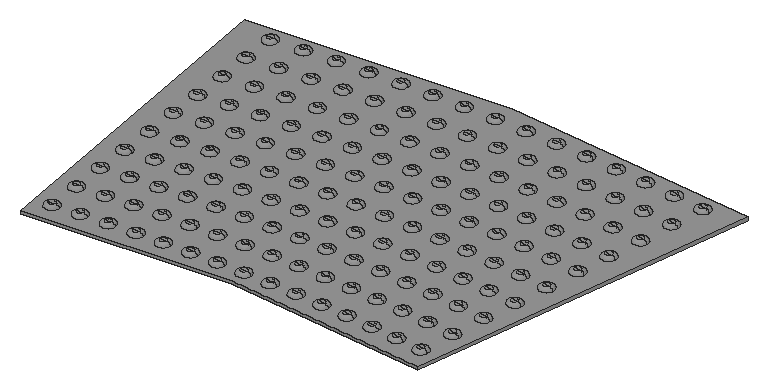
Revit family "Detectable-Warning-Surfaces_Surface-Applied-Radius-Panel-24X33_ADA-Solutions", category Generic Models, host Floor, Revit 2026
Family settings
  Host = Floor
  Can host rebar = No
  Round Connector Dimension = Use Diameter
  Part Type = Normal
  Always vertical = Yes
  Cut with Voids When Loaded = No
  Maintain Annotation Orientation = No
  Shared = No
  Room Calculation Point = No
Parameters (values of type "ADA White")
  Width = 24"
  URL = "https://adatile.com/"
  Specification = ""
  Product Page URL = "https://www.arcat.com/arcatcos/cos41/arc41776.html"
  Model = "Surface-Applied"
  Manufacturer = "ADA Solutions"
  Length = 33"
  Keynote = "09 33 00"
  Default Elevation = 0"
  Copyright = "ARCAT"
  Color = ADA White
  CAD Details = ""
Reference planes (in)
  plane 1 "Center (Front/Back)": y = 0
  plane 2: z = 0
  plane 3 "Center (Left/Right)": x = 0
  plane 4: x = -16.5
  plane 5: y = 12
  plane 6: x = 16.5
  plane 7: y = -12
Forms (in)
  Extrusion 1, solid, material "ADA White" <- "Color"
    sketch origin (0, 0, 0) x (1, 0, 0) y (0, 1, 0)
      loop
        line (-16.5, 10.75) -> (-13.03313, -12)
        arc (-13.03313, -12) -> (0, -10.94614) -> (13.03313, -12) r 81.11725
        line (13.03313, -12) -> (16.5, 10.75)
        arc (16.5, 10.75) -> (0, 12) -> (-16.5, 10.75) r 109.525
    from 0 to 0.19
  Revolve 2, solid, material "ADA White" <- "Color"
    sketch origin (-15.29664, 9.89499, -4.99148) x (1, 0, 0) y (0, 0, 1)
      loop
        line (1.14124, 5.37478) -> (0.89322, 5.37478)
        arc (0.89322, 5.37478) -> (0.75575, 5.31212) -> (0.68625, 5.17798) r 0.23136
        line (0.68625, 5.17798) -> (1.14124, 5.17798) -> (1.14124, 5.37478)
      axis (1.14124, 5.37478) -> (1.14124, 5.17798)
    angle from 0 to 360
  Revolve 3, solid, material "ADA White" <- "Color", not visible
    sketch origin (19.20141, 1.19882, 0) x (1, 0, 0) y (0, 0, 1)
      loop
        line (1.14124, 5.37478) -> (0.89322, 5.37478)
        arc (0.89322, 5.37478) -> (0.75575, 5.31212) -> (0.68625, 5.17798) r 0.23136
        line (0.68625, 5.17798) -> (1.14124, 5.17798) -> (1.14124, 5.37478)
      axis (1.14124, 5.37478) -> (1.14124, 5.17798)
    angle from 0 to 360
  Revolve 4, solid, material "ADA White" <- "Color"
    sketch origin (-15.10054, 7.65355, -4.99148) x (1, 0, 0) y (0, 0, 1)
      loop
        line (1.14124, 5.37478) -> (0.89322, 5.37478)
        arc (0.89322, 5.37478) -> (0.75575, 5.31212) -> (0.68625, 5.17798) r 0.23136
        line (0.68625, 5.17798) -> (1.14124, 5.17798) -> (1.14124, 5.37478)
      axis (1.14124, 5.37478) -> (1.14124, 5.17798)
    angle from 0 to 360
  Revolve 5, solid, material "ADA White" <- "Color"
    sketch origin (-14.82633, 5.35782, -4.99148) x (1, 0, 0) y (0, 0, 1)
      loop
        line (1.14124, 5.37478) -> (0.89322, 5.37478)
        arc (0.89322, 5.37478) -> (0.75575, 5.31212) -> (0.68625, 5.17798) r 0.23136
        line (0.68625, 5.17798) -> (1.14124, 5.17798) -> (1.14124, 5.37478)
      axis (1.14124, 5.37478) -> (1.14124, 5.17798)
    angle from 0 to 360
  Revolve 6, solid, material "ADA White" <- "Color"
    sketch origin (-14.59902, 3.0703, -4.99148) x (1, 0, 0) y (0, 0, 1)
      loop
        line (1.14124, 5.37478) -> (0.89322, 5.37478)
        arc (0.89322, 5.37478) -> (0.75575, 5.31212) -> (0.68625, 5.17798) r 0.23136
        line (0.68625, 5.17798) -> (1.14124, 5.17798) -> (1.14124, 5.37478)
      axis (1.14124, 5.37478) -> (1.14124, 5.17798)
    angle from 0 to 360
  Revolve 7, solid, material "ADA White" <- "Color"
    sketch origin (-14.40292, 0.82886, -4.99148) x (1, 0, 0) y (0, 0, 1)
      loop
        line (1.14124, 5.37478) -> (0.89322, 5.37478)
        arc (0.89322, 5.37478) -> (0.75575, 5.31212) -> (0.68625, 5.17798) r 0.23136
        line (0.68625, 5.17798) -> (1.14124, 5.17798) -> (1.14124, 5.37478)
      axis (1.14124, 5.37478) -> (1.14124, 5.17798)
    angle from 0 to 360
  Revolve 8, solid, material "ADA White" <- "Color"
    sketch origin (-14.12871, -1.46687, -4.99148) x (1, 0, 0) y (0, 0, 1)
      loop
        line (1.14124, 5.37478) -> (0.89322, 5.37478)
        arc (0.89322, 5.37478) -> (0.75575, 5.31212) -> (0.68625, 5.17798) r 0.23136
        line (0.68625, 5.17798) -> (1.14124, 5.17798) -> (1.14124, 5.37478)
      axis (1.14124, 5.37478) -> (1.14124, 5.17798)
    angle from 0 to 360
  Revolve 9, solid, material "ADA White" <- "Color"
    sketch origin (-13.93343, -3.75252, -4.99148) x (1, 0, 0) y (0, 0, 1)
      loop
        line (1.14124, 5.37478) -> (0.89322, 5.37478)
        arc (0.89322, 5.37478) -> (0.75575, 5.31212) -> (0.68625, 5.17798) r 0.23136
        line (0.68625, 5.17798) -> (1.14124, 5.17798) -> (1.14124, 5.37478)
      axis (1.14124, 5.37478) -> (1.14124, 5.17798)
    angle from 0 to 360
  Revolve 10, solid, material "ADA White" <- "Color"
    sketch origin (-13.73733, -5.99396, -4.99148) x (1, 0, 0) y (0, 0, 1)
      loop
        line (1.14124, 5.37478) -> (0.89322, 5.37478)
        arc (0.89322, 5.37478) -> (0.75575, 5.31212) -> (0.68625, 5.17798) r 0.23136
        line (0.68625, 5.17798) -> (1.14124, 5.17798) -> (1.14124, 5.37478)
      axis (1.14124, 5.37478) -> (1.14124, 5.17798)
    angle from 0 to 360
  Revolve 11, solid, material "ADA White" <- "Color"
    sketch origin (-13.46313, -8.28969, -4.99148) x (1, 0, 0) y (0, 0, 1)
      loop
        line (1.14124, 5.37478) -> (0.89322, 5.37478)
        arc (0.89322, 5.37478) -> (0.75575, 5.31212) -> (0.68625, 5.17798) r 0.23136
        line (0.68625, 5.17798) -> (1.14124, 5.17798) -> (1.14124, 5.37478)
      axis (1.14124, 5.37478) -> (1.14124, 5.17798)
    angle from 0 to 360
  Revolve 12, solid, material "ADA White" <- "Color"
    sketch origin (-13.23582, -10.57721, -4.99148) x (1, 0, 0) y (0, 0, 1)
      loop
        line (1.14124, 5.37478) -> (0.89322, 5.37478)
        arc (0.89322, 5.37478) -> (0.75575, 5.31212) -> (0.68625, 5.17798) r 0.23136
        line (0.68625, 5.17798) -> (1.14124, 5.17798) -> (1.14124, 5.37478)
      axis (1.14124, 5.37478) -> (1.14124, 5.17798)
    angle from 0 to 360
  Revolve 13, solid, material "ADA White" <- "Color"
    sketch origin (13.08765, 10.12008, -4.99148) x (0.979447, -0.201703, 0) y (0, 0, 1)
      loop
        line (1.14124, 5.37478) -> (0.89322, 5.37478)
        arc (0.89322, 5.37478) -> (0.75575, 5.31212) -> (0.68625, 5.17798) r 0.23136
        line (0.68625, 5.17798) -> (1.14124, 5.17798) -> (1.14124, 5.37478)
      axis (1.14124, 5.37478) -> (1.14124, 5.17798)
    angle from 0 to 360
  Revolve 14, solid, material "ADA White" <- "Color"
    sketch origin (12.82761, 7.88516, -4.99148) x (0.979447, -0.201703, 0) y (0, 0, 1)
      loop
        line (1.14124, 5.37478) -> (0.89322, 5.37478)
        arc (0.89322, 5.37478) -> (0.75575, 5.31212) -> (0.68625, 5.17798) r 0.23136
        line (0.68625, 5.17798) -> (1.14124, 5.17798) -> (1.14124, 5.37478)
      axis (1.14124, 5.37478) -> (1.14124, 5.17798)
    angle from 0 to 360
  Revolve 15, solid, material "ADA White" <- "Color"
    sketch origin (12.63312, 5.58131, -4.99148) x (0.979447, -0.201703, 0) y (0, 0, 1)
      loop
        line (1.14124, 5.37478) -> (0.89322, 5.37478)
        arc (0.89322, 5.37478) -> (0.75575, 5.31212) -> (0.68625, 5.17798) r 0.23136
        line (0.68625, 5.17798) -> (1.14124, 5.17798) -> (1.14124, 5.37478)
      axis (1.14124, 5.37478) -> (1.14124, 5.17798)
    angle from 0 to 360
  Revolve 16, solid, material "ADA White" <- "Color"
    sketch origin (12.39436, 3.29495, -4.99148) x (0.979447, -0.201703, 0) y (0, 0, 1)
      loop
        line (1.14124, 5.37478) -> (0.89322, 5.37478)
        arc (0.89322, 5.37478) -> (0.75575, 5.31212) -> (0.68625, 5.17798) r 0.23136
        line (0.68625, 5.17798) -> (1.14124, 5.17798) -> (1.14124, 5.37478)
      axis (1.14124, 5.37478) -> (1.14124, 5.17798)
    angle from 0 to 360
  Revolve 17, solid, material "ADA White" <- "Color"
    sketch origin (12.13433, 1.06003, -4.99148) x (0.979447, -0.201703, 0) y (0, 0, 1)
      loop
        line (1.14124, 5.37478) -> (0.89322, 5.37478)
        arc (0.89322, 5.37478) -> (0.75575, 5.31212) -> (0.68625, 5.17798) r 0.23136
        line (0.68625, 5.17798) -> (1.14124, 5.17798) -> (1.14124, 5.37478)
      axis (1.14124, 5.37478) -> (1.14124, 5.17798)
    angle from 0 to 360
  Revolve 18, solid, material "ADA White" <- "Color"
    sketch origin (11.93984, -1.24382, -4.99148) x (0.979447, -0.201703, 0) y (0, 0, 1)
      loop
        line (1.14124, 5.37478) -> (0.89322, 5.37478)
        arc (0.89322, 5.37478) -> (0.75575, 5.31212) -> (0.68625, 5.17798) r 0.23136
        line (0.68625, 5.17798) -> (1.14124, 5.17798) -> (1.14124, 5.37478)
      axis (1.14124, 5.37478) -> (1.14124, 5.17798)
    angle from 0 to 360
  Revolve 19, solid, material "ADA White" <- "Color"
    sketch origin (11.67008, -3.52189, -4.99148) x (0.979447, -0.201703, 0) y (0, 0, 1)
      loop
        line (1.14124, 5.37478) -> (0.89322, 5.37478)
        arc (0.89322, 5.37478) -> (0.75575, 5.31212) -> (0.68625, 5.17798) r 0.23136
        line (0.68625, 5.17798) -> (1.14124, 5.17798) -> (1.14124, 5.37478)
      axis (1.14124, 5.37478) -> (1.14124, 5.17798)
    angle from 0 to 360
  Revolve 20, solid, material "ADA White" <- "Color"
    sketch origin (11.41005, -5.75681, -4.99148) x (0.979447, -0.201703, 0) y (0, 0, 1)
      loop
        line (1.14124, 5.37478) -> (0.89322, 5.37478)
        arc (0.89322, 5.37478) -> (0.75575, 5.31212) -> (0.68625, 5.17798) r 0.23136
        line (0.68625, 5.17798) -> (1.14124, 5.17798) -> (1.14124, 5.37478)
      axis (1.14124, 5.37478) -> (1.14124, 5.17798)
    angle from 0 to 360
  Revolve 21, solid, material "ADA White" <- "Color"
    sketch origin (11.21556, -8.06066, -4.99148) x (0.979447, -0.201703, 0) y (0, 0, 1)
      loop
        line (1.14124, 5.37478) -> (0.89322, 5.37478)
        arc (0.89322, 5.37478) -> (0.75575, 5.31212) -> (0.68625, 5.17798) r 0.23136
        line (0.68625, 5.17798) -> (1.14124, 5.17798) -> (1.14124, 5.37478)
      axis (1.14124, 5.37478) -> (1.14124, 5.17798)
    angle from 0 to 360
  Revolve 22, solid, material "ADA White" <- "Color"
    sketch origin (10.9768, -10.34702, -4.99148) x (0.979447, -0.201703, 0) y (0, 0, 1)
      loop
        line (1.14124, 5.37478) -> (0.89322, 5.37478)
        arc (0.89322, 5.37478) -> (0.75575, 5.31212) -> (0.68625, 5.17798) r 0.23136
        line (0.68625, 5.17798) -> (1.14124, 5.17798) -> (1.14124, 5.37478)
      axis (1.14124, 5.37478) -> (1.14124, 5.17798)
    angle from 0 to 360
  Revolve 23, solid, material "ADA White" <- "Color"
    sketch origin (-13.27626, 10.10224, -4.99148) x (0.999895, -0.014506, 0) y (0, 0, 1)
      loop
        line (1.14124, 5.37478) -> (0.89322, 5.37478)
        arc (0.89322, 5.37478) -> (0.75575, 5.31212) -> (0.68625, 5.17798) r 0.23136
        line (0.68625, 5.17798) -> (1.14124, 5.17798) -> (1.14124, 5.37478)
      axis (1.14124, 5.37478) -> (1.14124, 5.17798)
    angle from 0 to 360
  Revolve 24, solid, material "ADA White" <- "Color"
    sketch origin (-13.11269, 7.8582, -4.99148) x (0.999895, -0.014506, 0) y (0, 0, 1)
      loop
        line (1.14124, 5.37478) -> (0.89322, 5.37478)
        arc (0.89322, 5.37478) -> (0.75575, 5.31212) -> (0.68625, 5.17798) r 0.23136
        line (0.68625, 5.17798) -> (1.14124, 5.17798) -> (1.14124, 5.37478)
      axis (1.14124, 5.37478) -> (1.14124, 5.17798)
    angle from 0 to 360
  Revolve 25, solid, material "ADA White" <- "Color"
    sketch origin (-12.87182, 5.55873, -4.99148) x (0.999895, -0.014506, 0) y (0, 0, 1)
      loop
        line (1.14124, 5.37478) -> (0.89322, 5.37478)
        arc (0.89322, 5.37478) -> (0.75575, 5.31212) -> (0.68625, 5.17798) r 0.23136
        line (0.68625, 5.17798) -> (1.14124, 5.17798) -> (1.14124, 5.37478)
      axis (1.14124, 5.37478) -> (1.14124, 5.17798)
    angle from 0 to 360
  Revolve 26, solid, material "ADA White" <- "Color"
    sketch origin (-12.67771, 3.26815, -4.99148) x (0.999895, -0.014506, 0) y (0, 0, 1)
      loop
        line (1.14124, 5.37478) -> (0.89322, 5.37478)
        arc (0.89322, 5.37478) -> (0.75575, 5.31212) -> (0.68625, 5.17798) r 0.23136
        line (0.68625, 5.17798) -> (1.14124, 5.17798) -> (1.14124, 5.37478)
      axis (1.14124, 5.37478) -> (1.14124, 5.17798)
    angle from 0 to 360
  Revolve 27, solid, material "ADA White" <- "Color"
    sketch origin (-12.51415, 1.02411, -4.99148) x (0.999895, -0.014506, 0) y (0, 0, 1)
      loop
        line (1.14124, 5.37478) -> (0.89322, 5.37478)
        arc (0.89322, 5.37478) -> (0.75575, 5.31212) -> (0.68625, 5.17798) r 0.23136
        line (0.68625, 5.17798) -> (1.14124, 5.17798) -> (1.14124, 5.37478)
      axis (1.14124, 5.37478) -> (1.14124, 5.17798)
    angle from 0 to 360
  Revolve 28, solid, material "ADA White" <- "Color"
    sketch origin (-12.27328, -1.27536, -4.99148) x (0.999895, -0.014506, 0) y (0, 0, 1)
      loop
        line (1.14124, 5.37478) -> (0.89322, 5.37478)
        arc (0.89322, 5.37478) -> (0.75575, 5.31212) -> (0.68625, 5.17798) r 0.23136
        line (0.68625, 5.17798) -> (1.14124, 5.17798) -> (1.14124, 5.37478)
      axis (1.14124, 5.37478) -> (1.14124, 5.17798)
    angle from 0 to 360
  Revolve 29, solid, material "ADA White" <- "Color"
    sketch origin (-12.11117, -3.56361, -4.99148) x (0.999895, -0.014506, 0) y (0, 0, 1)
      loop
        line (1.14124, 5.37478) -> (0.89322, 5.37478)
        arc (0.89322, 5.37478) -> (0.75575, 5.31212) -> (0.68625, 5.17798) r 0.23136
        line (0.68625, 5.17798) -> (1.14124, 5.17798) -> (1.14124, 5.37478)
      axis (1.14124, 5.37478) -> (1.14124, 5.17798)
    angle from 0 to 360
  Revolve 30, solid, material "ADA White" <- "Color"
    sketch origin (-11.94761, -5.80765, -4.99148) x (0.999895, -0.014506, 0) y (0, 0, 1)
      loop
        line (1.14124, 5.37478) -> (0.89322, 5.37478)
        arc (0.89322, 5.37478) -> (0.75575, 5.31212) -> (0.68625, 5.17798) r 0.23136
        line (0.68625, 5.17798) -> (1.14124, 5.17798) -> (1.14124, 5.37478)
      axis (1.14124, 5.37478) -> (1.14124, 5.17798)
    angle from 0 to 360
  Revolve 31, solid, material "ADA White" <- "Color"
    sketch origin (-11.70673, -8.10712, -4.99148) x (0.999895, -0.014506, 0) y (0, 0, 1)
      loop
        line (1.14124, 5.37478) -> (0.89322, 5.37478)
        arc (0.89322, 5.37478) -> (0.75575, 5.31212) -> (0.68625, 5.17798) r 0.23136
        line (0.68625, 5.17798) -> (1.14124, 5.17798) -> (1.14124, 5.37478)
      axis (1.14124, 5.37478) -> (1.14124, 5.17798)
    angle from 0 to 360
  Revolve 32, solid, material "ADA White" <- "Color"
    sketch origin (-11.51263, -10.39769, -4.99148) x (0.999895, -0.014506, 0) y (0, 0, 1)
      loop
        line (1.14124, 5.37478) -> (0.89322, 5.37478)
        arc (0.89322, 5.37478) -> (0.75575, 5.31212) -> (0.68625, 5.17798) r 0.23136
        line (0.68625, 5.17798) -> (1.14124, 5.17798) -> (1.14124, 5.37478)
      axis (1.14124, 5.37478) -> (1.14124, 5.17798)
    angle from 0 to 360
  Revolve 33, solid, material "ADA White" <- "Color"
    sketch origin (-11.25308, 10.28017, -4.99148) x (0.999579, -0.02901, 0) y (0, 0, 1)
      loop
        line (1.14124, 5.37478) -> (0.89322, 5.37478)
        arc (0.89322, 5.37478) -> (0.75575, 5.31212) -> (0.68625, 5.17798) r 0.23136
        line (0.68625, 5.17798) -> (1.14124, 5.17798) -> (1.14124, 5.37478)
      axis (1.14124, 5.37478) -> (1.14124, 5.17798)
    angle from 0 to 360
  Revolve 34, solid, material "ADA White" <- "Color"
    sketch origin (-11.12209, 8.03399, -4.99148) x (0.999579, -0.02901, 0) y (0, 0, 1)
      loop
        line (1.14124, 5.37478) -> (0.89322, 5.37478)
        arc (0.89322, 5.37478) -> (0.75575, 5.31212) -> (0.68625, 5.17798) r 0.23136
        line (0.68625, 5.17798) -> (1.14124, 5.17798) -> (1.14124, 5.37478)
      axis (1.14124, 5.37478) -> (1.14124, 5.17798)
    angle from 0 to 360
  Revolve 35, solid, material "ADA White" <- "Color"
    sketch origin (-10.9146, 5.73127, -4.99148) x (0.999579, -0.02901, 0) y (0, 0, 1)
      loop
        line (1.14124, 5.37478) -> (0.89322, 5.37478)
        arc (0.89322, 5.37478) -> (0.75575, 5.31212) -> (0.68625, 5.17798) r 0.23136
        line (0.68625, 5.17798) -> (1.14124, 5.17798) -> (1.14124, 5.37478)
      axis (1.14124, 5.37478) -> (1.14124, 5.17798)
    angle from 0 to 360
  Revolve 36, solid, material "ADA White" <- "Color"
    sketch origin (-10.75374, 3.43812, -4.99148) x (0.999579, -0.02901, 0) y (0, 0, 1)
      loop
        line (1.14124, 5.37478) -> (0.89322, 5.37478)
        arc (0.89322, 5.37478) -> (0.75575, 5.31212) -> (0.68625, 5.17798) r 0.23136
        line (0.68625, 5.17798) -> (1.14124, 5.17798) -> (1.14124, 5.37478)
      axis (1.14124, 5.37478) -> (1.14124, 5.17798)
    angle from 0 to 360
  Revolve 37, solid, material "ADA White" <- "Color"
    sketch origin (-10.62275, 1.19193, -4.99148) x (0.999579, -0.02901, 0) y (0, 0, 1)
      loop
        line (1.14124, 5.37478) -> (0.89322, 5.37478)
        arc (0.89322, 5.37478) -> (0.75575, 5.31212) -> (0.68625, 5.17798) r 0.23136
        line (0.68625, 5.17798) -> (1.14124, 5.17798) -> (1.14124, 5.37478)
      axis (1.14124, 5.37478) -> (1.14124, 5.17798)
    angle from 0 to 360
  Revolve 38, solid, material "ADA White" <- "Color"
    sketch origin (-10.41525, -1.11078, -4.99148) x (0.999579, -0.02901, 0) y (0, 0, 1)
      loop
        line (1.14124, 5.37478) -> (0.89322, 5.37478)
        arc (0.89322, 5.37478) -> (0.75575, 5.31212) -> (0.68625, 5.17798) r 0.23136
        line (0.68625, 5.17798) -> (1.14124, 5.17798) -> (1.14124, 5.37478)
      axis (1.14124, 5.37478) -> (1.14124, 5.17798)
    angle from 0 to 360
  Revolve 39, solid, material "ADA White" <- "Color"
    sketch origin (-10.28636, -3.40114, -4.99148) x (0.999579, -0.02901, 0) y (0, 0, 1)
      loop
        line (1.14124, 5.37478) -> (0.89322, 5.37478)
        arc (0.89322, 5.37478) -> (0.75575, 5.31212) -> (0.68625, 5.17798) r 0.23136
        line (0.68625, 5.17798) -> (1.14124, 5.17798) -> (1.14124, 5.37478)
      axis (1.14124, 5.37478) -> (1.14124, 5.17798)
    angle from 0 to 360
  Revolve 40, solid, material "ADA White" <- "Color"
    sketch origin (-10.15537, -5.64733, -4.99148) x (0.999579, -0.02901, 0) y (0, 0, 1)
      loop
        line (1.14124, 5.37478) -> (0.89322, 5.37478)
        arc (0.89322, 5.37478) -> (0.75575, 5.31212) -> (0.68625, 5.17798) r 0.23136
        line (0.68625, 5.17798) -> (1.14124, 5.17798) -> (1.14124, 5.37478)
      axis (1.14124, 5.37478) -> (1.14124, 5.17798)
    angle from 0 to 360
  Revolve 41, solid, material "ADA White" <- "Color"
    sketch origin (-9.94788, -7.95004, -4.99148) x (0.999579, -0.02901, 0) y (0, 0, 1)
      loop
        line (1.14124, 5.37478) -> (0.89322, 5.37478)
        arc (0.89322, 5.37478) -> (0.75575, 5.31212) -> (0.68625, 5.17798) r 0.23136
        line (0.68625, 5.17798) -> (1.14124, 5.17798) -> (1.14124, 5.37478)
      axis (1.14124, 5.37478) -> (1.14124, 5.17798)
    angle from 0 to 360
  Revolve 42, solid, material "ADA White" <- "Color"
    sketch origin (-9.78702, -10.2432, -4.99148) x (0.999579, -0.02901, 0) y (0, 0, 1)
      loop
        line (1.14124, 5.37478) -> (0.89322, 5.37478)
        arc (0.89322, 5.37478) -> (0.75575, 5.31212) -> (0.68625, 5.17798) r 0.23136
        line (0.68625, 5.17798) -> (1.14124, 5.17798) -> (1.14124, 5.37478)
      axis (1.14124, 5.37478) -> (1.14124, 5.17798)
    angle from 0 to 360
  Revolve 43, solid, material "ADA White" <- "Color"
    sketch origin (-9.22754, 10.42873, -4.99148) x (0.999053, -0.043507, 0) y (0, 0, 1)
      loop
        line (1.14124, 5.37478) -> (0.89322, 5.37478)
        arc (0.89322, 5.37478) -> (0.75575, 5.31212) -> (0.68625, 5.17798) r 0.23136
        line (0.68625, 5.17798) -> (1.14124, 5.17798) -> (1.14124, 5.37478)
      axis (1.14124, 5.37478) -> (1.14124, 5.17798)
    angle from 0 to 360
  Revolve 44, solid, material "ADA White" <- "Color"
    sketch origin (-9.12914, 8.18088, -4.99148) x (0.999053, -0.043507, 0) y (0, 0, 1)
      loop
        line (1.14124, 5.37478) -> (0.89322, 5.37478)
        arc (0.89322, 5.37478) -> (0.75575, 5.31212) -> (0.68625, 5.17798) r 0.23136
        line (0.68625, 5.17798) -> (1.14124, 5.17798) -> (1.14124, 5.37478)
      axis (1.14124, 5.37478) -> (1.14124, 5.17798)
    angle from 0 to 360
  Revolve 45, solid, material "ADA White" <- "Color"
    sketch origin (-8.95508, 5.87539, -4.99148) x (0.999053, -0.043507, 0) y (0, 0, 1)
      loop
        line (1.14124, 5.37478) -> (0.89322, 5.37478)
        arc (0.89322, 5.37478) -> (0.75575, 5.31212) -> (0.68625, 5.17798) r 0.23136
        line (0.68625, 5.17798) -> (1.14124, 5.17798) -> (1.14124, 5.37478)
      axis (1.14124, 5.37478) -> (1.14124, 5.17798)
    angle from 0 to 360
  Revolve 46, solid, material "ADA White" <- "Color"
    sketch origin (-8.8275, 3.58015, -4.99148) x (0.999053, -0.043507, 0) y (0, 0, 1)
      loop
        line (1.14124, 5.37478) -> (0.89322, 5.37478)
        arc (0.89322, 5.37478) -> (0.75575, 5.31212) -> (0.68625, 5.17798) r 0.23136
        line (0.68625, 5.17798) -> (1.14124, 5.17798) -> (1.14124, 5.37478)
      axis (1.14124, 5.37478) -> (1.14124, 5.17798)
    angle from 0 to 360
  Revolve 47, solid, material "ADA White" <- "Color"
    sketch origin (-8.72911, 1.3323, -4.99148) x (0.999053, -0.043507, 0) y (0, 0, 1)
      loop
        line (1.14124, 5.37478) -> (0.89322, 5.37478)
        arc (0.89322, 5.37478) -> (0.75575, 5.31212) -> (0.68625, 5.17798) r 0.23136
        line (0.68625, 5.17798) -> (1.14124, 5.17798) -> (1.14124, 5.37478)
      axis (1.14124, 5.37478) -> (1.14124, 5.17798)
    angle from 0 to 360
  Revolve 48, solid, material "ADA White" <- "Color"
    sketch origin (-8.55504, -0.97318, -4.99148) x (0.999053, -0.043507, 0) y (0, 0, 1)
      loop
        line (1.14124, 5.37478) -> (0.89322, 5.37478)
        arc (0.89322, 5.37478) -> (0.75575, 5.31212) -> (0.68625, 5.17798) r 0.23136
        line (0.68625, 5.17798) -> (1.14124, 5.17798) -> (1.14124, 5.37478)
      axis (1.14124, 5.37478) -> (1.14124, 5.17798)
    angle from 0 to 360
  Revolve 49, solid, material "ADA White" <- "Color"
    sketch origin (-8.45939, -3.26517, -4.99148) x (0.999053, -0.043507, 0) y (0, 0, 1)
      loop
        line (1.14124, 5.37478) -> (0.89322, 5.37478)
        arc (0.89322, 5.37478) -> (0.75575, 5.31212) -> (0.68625, 5.17798) r 0.23136
        line (0.68625, 5.17798) -> (1.14124, 5.17798) -> (1.14124, 5.37478)
      axis (1.14124, 5.37478) -> (1.14124, 5.17798)
    angle from 0 to 360
  Revolve 50, solid, material "ADA White" <- "Color"
    sketch origin (-8.36099, -5.51302, -4.99148) x (0.999053, -0.043507, 0) y (0, 0, 1)
      loop
        line (1.14124, 5.37478) -> (0.89322, 5.37478)
        arc (0.89322, 5.37478) -> (0.75575, 5.31212) -> (0.68625, 5.17798) r 0.23136
        line (0.68625, 5.17798) -> (1.14124, 5.17798) -> (1.14124, 5.37478)
      axis (1.14124, 5.37478) -> (1.14124, 5.17798)
    angle from 0 to 360
  Revolve 51, solid, material "ADA White" <- "Color"
    sketch origin (-8.18693, -7.8185, -4.99148) x (0.999053, -0.043507, 0) y (0, 0, 1)
      loop
        line (1.14124, 5.37478) -> (0.89322, 5.37478)
        arc (0.89322, 5.37478) -> (0.75575, 5.31212) -> (0.68625, 5.17798) r 0.23136
        line (0.68625, 5.17798) -> (1.14124, 5.17798) -> (1.14124, 5.37478)
      axis (1.14124, 5.37478) -> (1.14124, 5.17798)
    angle from 0 to 360
  Revolve 52, solid, material "ADA White" <- "Color"
    sketch origin (-8.05935, -10.11374, -4.99148) x (0.999053, -0.043507, 0) y (0, 0, 1)
      loop
        line (1.14124, 5.37478) -> (0.89322, 5.37478)
        arc (0.89322, 5.37478) -> (0.75575, 5.31212) -> (0.68625, 5.17798) r 0.23136
        line (0.68625, 5.17798) -> (1.14124, 5.17798) -> (1.14124, 5.37478)
      axis (1.14124, 5.37478) -> (1.14124, 5.17798)
    angle from 0 to 360
  Revolve 53, solid, material "ADA White" <- "Color"
    sketch origin (-7.20005, 10.54789, -4.99148) x (0.998317, -0.057995, 0) y (0, 0, 1)
      loop
        line (1.14124, 5.37478) -> (0.89322, 5.37478)
        arc (0.89322, 5.37478) -> (0.75575, 5.31212) -> (0.68625, 5.17798) r 0.23136
        line (0.68625, 5.17798) -> (1.14124, 5.17798) -> (1.14124, 5.37478)
      axis (1.14124, 5.37478) -> (1.14124, 5.17798)
    angle from 0 to 360
  Revolve 54, solid, material "ADA White" <- "Color"
    sketch origin (-7.13428, 8.29885, -4.99148) x (0.998317, -0.057995, 0) y (0, 0, 1)
      loop
        line (1.14124, 5.37478) -> (0.89322, 5.37478)
        arc (0.89322, 5.37478) -> (0.75575, 5.31212) -> (0.68625, 5.17798) r 0.23136
        line (0.68625, 5.17798) -> (1.14124, 5.17798) -> (1.14124, 5.37478)
      axis (1.14124, 5.37478) -> (1.14124, 5.17798)
    angle from 0 to 360
  Revolve 55, solid, material "ADA White" <- "Color"
    sketch origin (-6.99367, 5.99108, -4.99148) x (0.998317, -0.057995, 0) y (0, 0, 1)
      loop
        line (1.14124, 5.37478) -> (0.89322, 5.37478)
        arc (0.89322, 5.37478) -> (0.75575, 5.31212) -> (0.68625, 5.17798) r 0.23136
        line (0.68625, 5.17798) -> (1.14124, 5.17798) -> (1.14124, 5.37478)
      axis (1.14124, 5.37478) -> (1.14124, 5.17798)
    angle from 0 to 360
  Revolve 56, solid, material "ADA White" <- "Color"
    sketch origin (-6.89941, 3.69423, -4.99148) x (0.998317, -0.057995, 0) y (0, 0, 1)
      loop
        line (1.14124, 5.37478) -> (0.89322, 5.37478)
        arc (0.89322, 5.37478) -> (0.75575, 5.31212) -> (0.68625, 5.17798) r 0.23136
        line (0.68625, 5.17798) -> (1.14124, 5.17798) -> (1.14124, 5.37478)
      axis (1.14124, 5.37478) -> (1.14124, 5.17798)
    angle from 0 to 360
  Revolve 57, solid, material "ADA White" <- "Color"
    sketch origin (-6.83363, 1.44519, -4.99148) x (0.998317, -0.057995, 0) y (0, 0, 1)
      loop
        line (1.14124, 5.37478) -> (0.89322, 5.37478)
        arc (0.89322, 5.37478) -> (0.75575, 5.31212) -> (0.68625, 5.17798) r 0.23136
        line (0.68625, 5.17798) -> (1.14124, 5.17798) -> (1.14124, 5.37478)
      axis (1.14124, 5.37478) -> (1.14124, 5.17798)
    angle from 0 to 360
  Revolve 58, solid, material "ADA White" <- "Color"
    sketch origin (-6.69303, -0.86258, -4.99148) x (0.998317, -0.057995, 0) y (0, 0, 1)
      loop
        line (1.14124, 5.37478) -> (0.89322, 5.37478)
        arc (0.89322, 5.37478) -> (0.75575, 5.31212) -> (0.68625, 5.17798) r 0.23136
        line (0.68625, 5.17798) -> (1.14124, 5.17798) -> (1.14124, 5.37478)
      axis (1.14124, 5.37478) -> (1.14124, 5.17798)
    angle from 0 to 360
  Revolve 59, solid, material "ADA White" <- "Color"
    sketch origin (-6.63063, -3.15571, -4.99148) x (0.998317, -0.057995, 0) y (0, 0, 1)
      loop
        line (1.14124, 5.37478) -> (0.89322, 5.37478)
        arc (0.89322, 5.37478) -> (0.75575, 5.31212) -> (0.68625, 5.17798) r 0.23136
        line (0.68625, 5.17798) -> (1.14124, 5.17798) -> (1.14124, 5.37478)
      axis (1.14124, 5.37478) -> (1.14124, 5.17798)
    angle from 0 to 360
  Revolve 60, solid, material "ADA White" <- "Color"
    sketch origin (-6.56486, -5.40475, -4.99148) x (0.998317, -0.057995, 0) y (0, 0, 1)
      loop
        line (1.14124, 5.37478) -> (0.89322, 5.37478)
        arc (0.89322, 5.37478) -> (0.75575, 5.31212) -> (0.68625, 5.17798) r 0.23136
        line (0.68625, 5.17798) -> (1.14124, 5.17798) -> (1.14124, 5.37478)
      axis (1.14124, 5.37478) -> (1.14124, 5.17798)
    angle from 0 to 360
  Revolve 61, solid, material "ADA White" <- "Color"
    sketch origin (-6.42425, -7.71252, -4.99148) x (0.998317, -0.057995, 0) y (0, 0, 1)
      loop
        line (1.14124, 5.37478) -> (0.89322, 5.37478)
        arc (0.89322, 5.37478) -> (0.75575, 5.31212) -> (0.68625, 5.17798) r 0.23136
        line (0.68625, 5.17798) -> (1.14124, 5.17798) -> (1.14124, 5.37478)
      axis (1.14124, 5.37478) -> (1.14124, 5.17798)
    angle from 0 to 360
  Revolve 62, solid, material "ADA White" <- "Color"
    sketch origin (-6.32999, -10.00937, -4.99148) x (0.998317, -0.057995, 0) y (0, 0, 1)
      loop
        line (1.14124, 5.37478) -> (0.89322, 5.37478)
        arc (0.89322, 5.37478) -> (0.75575, 5.31212) -> (0.68625, 5.17798) r 0.23136
        line (0.68625, 5.17798) -> (1.14124, 5.17798) -> (1.14124, 5.37478)
      axis (1.14124, 5.37478) -> (1.14124, 5.17798)
    angle from 0 to 360
  Revolve 63, solid, material "ADA White" <- "Color"
    sketch origin (-5.17105, 10.63762, -4.99148) x (0.997371, -0.072471, 0) y (0, 0, 1)
      loop
        line (1.14124, 5.37478) -> (0.89322, 5.37478)
        arc (0.89322, 5.37478) -> (0.75575, 5.31212) -> (0.68625, 5.17798) r 0.23136
        line (0.68625, 5.17798) -> (1.14124, 5.17798) -> (1.14124, 5.37478)
      axis (1.14124, 5.37478) -> (1.14124, 5.17798)
    angle from 0 to 360
  Revolve 64, solid, material "ADA White" <- "Color"
    sketch origin (-5.13791, 8.38786, -4.99148) x (0.997371, -0.072471, 0) y (0, 0, 1)
      loop
        line (1.14124, 5.37478) -> (0.89322, 5.37478)
        arc (0.89322, 5.37478) -> (0.75575, 5.31212) -> (0.68625, 5.17798) r 0.23136
        line (0.68625, 5.17798) -> (1.14124, 5.17798) -> (1.14124, 5.37478)
      axis (1.14124, 5.37478) -> (1.14124, 5.17798)
    angle from 0 to 360
  Revolve 65, solid, material "ADA White" <- "Color"
    sketch origin (-5.0308, 6.0783, -4.99148) x (0.997371, -0.072471, 0) y (0, 0, 1)
      loop
        line (1.14124, 5.37478) -> (0.89322, 5.37478)
        arc (0.89322, 5.37478) -> (0.75575, 5.31212) -> (0.68625, 5.17798) r 0.23136
        line (0.68625, 5.17798) -> (1.14124, 5.17798) -> (1.14124, 5.37478)
      axis (1.14124, 5.37478) -> (1.14124, 5.17798)
    angle from 0 to 360
  Revolve 66, solid, material "ADA White" <- "Color"
    sketch origin (-4.96986, 3.78032, -4.99148) x (0.997371, -0.072471, 0) y (0, 0, 1)
      loop
        line (1.14124, 5.37478) -> (0.89322, 5.37478)
        arc (0.89322, 5.37478) -> (0.75575, 5.31212) -> (0.68625, 5.17798) r 0.23136
        line (0.68625, 5.17798) -> (1.14124, 5.17798) -> (1.14124, 5.37478)
      axis (1.14124, 5.37478) -> (1.14124, 5.17798)
    angle from 0 to 360
  Revolve 67, solid, material "ADA White" <- "Color"
    sketch origin (-4.93672, 1.53057, -4.99148) x (0.997371, -0.072471, 0) y (0, 0, 1)
      loop
        line (1.14124, 5.37478) -> (0.89322, 5.37478)
        arc (0.89322, 5.37478) -> (0.75575, 5.31212) -> (0.68625, 5.17798) r 0.23136
        line (0.68625, 5.17798) -> (1.14124, 5.17798) -> (1.14124, 5.37478)
      axis (1.14124, 5.37478) -> (1.14124, 5.17798)
    angle from 0 to 360
  Revolve 68, solid, material "ADA White" <- "Color"
    sketch origin (-4.8296, -0.779, -4.99148) x (0.997371, -0.072471, 0) y (0, 0, 1)
      loop
        line (1.14124, 5.37478) -> (0.89322, 5.37478)
        arc (0.89322, 5.37478) -> (0.75575, 5.31212) -> (0.68625, 5.17798) r 0.23136
        line (0.68625, 5.17798) -> (1.14124, 5.17798) -> (1.14124, 5.37478)
      axis (1.14124, 5.37478) -> (1.14124, 5.17798)
    angle from 0 to 360
  Revolve 69, solid, material "ADA White" <- "Color"
    sketch origin (-4.80048, -3.0728, -4.99148) x (0.997371, -0.072471, 0) y (0, 0, 1)
      loop
        line (1.14124, 5.37478) -> (0.89322, 5.37478)
        arc (0.89322, 5.37478) -> (0.75575, 5.31212) -> (0.68625, 5.17798) r 0.23136
        line (0.68625, 5.17798) -> (1.14124, 5.17798) -> (1.14124, 5.37478)
      axis (1.14124, 5.37478) -> (1.14124, 5.17798)
    angle from 0 to 360
  Revolve 70, solid, material "ADA White" <- "Color"
    sketch origin (-4.76734, -5.32255, -4.99148) x (0.997371, -0.072471, 0) y (0, 0, 1)
      loop
        line (1.14124, 5.37478) -> (0.89322, 5.37478)
        arc (0.89322, 5.37478) -> (0.75575, 5.31212) -> (0.68625, 5.17798) r 0.23136
        line (0.68625, 5.17798) -> (1.14124, 5.17798) -> (1.14124, 5.37478)
      axis (1.14124, 5.37478) -> (1.14124, 5.17798)
    angle from 0 to 360
  Revolve 71, solid, material "ADA White" <- "Color"
    sketch origin (-4.66023, -7.63212, -4.99148) x (0.997371, -0.072471, 0) y (0, 0, 1)
      loop
        line (1.14124, 5.37478) -> (0.89322, 5.37478)
        arc (0.89322, 5.37478) -> (0.75575, 5.31212) -> (0.68625, 5.17798) r 0.23136
        line (0.68625, 5.17798) -> (1.14124, 5.17798) -> (1.14124, 5.37478)
      axis (1.14124, 5.37478) -> (1.14124, 5.17798)
    angle from 0 to 360
  Revolve 72, solid, material "ADA White" <- "Color"
    sketch origin (-4.59929, -9.93009, -4.99148) x (0.997371, -0.072471, 0) y (0, 0, 1)
      loop
        line (1.14124, 5.37478) -> (0.89322, 5.37478)
        arc (0.89322, 5.37478) -> (0.75575, 5.31212) -> (0.68625, 5.17798) r 0.23136
        line (0.68625, 5.17798) -> (1.14124, 5.17798) -> (1.14124, 5.37478)
      axis (1.14124, 5.37478) -> (1.14124, 5.17798)
    angle from 0 to 360
  Revolve 73, solid, material "ADA White" <- "Color"
    sketch origin (-3.14096, 10.69791, -4.99148) x (0.996214, -0.086932, 0) y (0, 0, 1)
      loop
        line (1.14124, 5.37478) -> (0.89322, 5.37478)
        arc (0.89322, 5.37478) -> (0.75575, 5.31212) -> (0.68625, 5.17798) r 0.23136
        line (0.68625, 5.17798) -> (1.14124, 5.17798) -> (1.14124, 5.37478)
      axis (1.14124, 5.37478) -> (1.14124, 5.17798)
    angle from 0 to 360
  Revolve 74, solid, material "ADA White" <- "Color"
    sketch origin (-3.14046, 8.44791, -4.99148) x (0.996214, -0.086932, 0) y (0, 0, 1)
      loop
        line (1.14124, 5.37478) -> (0.89322, 5.37478)
        arc (0.89322, 5.37478) -> (0.75575, 5.31212) -> (0.68625, 5.17798) r 0.23136
        line (0.68625, 5.17798) -> (1.14124, 5.17798) -> (1.14124, 5.37478)
      axis (1.14124, 5.37478) -> (1.14124, 5.17798)
    angle from 0 to 360
  Revolve 75, solid, material "ADA White" <- "Color"
    sketch origin (-3.06686, 6.13704, -4.99148) x (0.996214, -0.086932, 0) y (0, 0, 1)
      loop
        line (1.14124, 5.37478) -> (0.89322, 5.37478)
        arc (0.89322, 5.37478) -> (0.75575, 5.31212) -> (0.68625, 5.17798) r 0.23136
        line (0.68625, 5.17798) -> (1.14124, 5.17798) -> (1.14124, 5.37478)
      axis (1.14124, 5.37478) -> (1.14124, 5.17798)
    angle from 0 to 360
  Revolve 76, solid, material "ADA White" <- "Color"
    sketch origin (-3.03927, 3.83842, -4.99148) x (0.996214, -0.086932, 0) y (0, 0, 1)
      loop
        line (1.14124, 5.37478) -> (0.89322, 5.37478)
        arc (0.89322, 5.37478) -> (0.75575, 5.31212) -> (0.68625, 5.17798) r 0.23136
        line (0.68625, 5.17798) -> (1.14124, 5.17798) -> (1.14124, 5.37478)
      axis (1.14124, 5.37478) -> (1.14124, 5.17798)
    angle from 0 to 360
  Revolve 77, solid, material "ADA White" <- "Color"
    sketch origin (-3.03876, 1.58842, -4.99148) x (0.996214, -0.086932, 0) y (0, 0, 1)
      loop
        line (1.14124, 5.37478) -> (0.89322, 5.37478)
        arc (0.89322, 5.37478) -> (0.75575, 5.31212) -> (0.68625, 5.17798) r 0.23136
        line (0.68625, 5.17798) -> (1.14124, 5.17798) -> (1.14124, 5.37478)
      axis (1.14124, 5.37478) -> (1.14124, 5.17798)
    angle from 0 to 360
  Revolve 78, solid, material "ADA White" <- "Color"
    sketch origin (-2.96517, -0.72246, -4.99148) x (0.996214, -0.086932, 0) y (0, 0, 1)
      loop
        line (1.14124, 5.37478) -> (0.89322, 5.37478)
        arc (0.89322, 5.37478) -> (0.75575, 5.31212) -> (0.68625, 5.17798) r 0.23136
        line (0.68625, 5.17798) -> (1.14124, 5.17798) -> (1.14124, 5.37478)
      axis (1.14124, 5.37478) -> (1.14124, 5.17798)
    angle from 0 to 360
  Revolve 79, solid, material "ADA White" <- "Color"
    sketch origin (-2.96932, -3.01644, -4.99148) x (0.996214, -0.086932, 0) y (0, 0, 1)
      loop
        line (1.14124, 5.37478) -> (0.89322, 5.37478)
        arc (0.89322, 5.37478) -> (0.75575, 5.31212) -> (0.68625, 5.17798) r 0.23136
        line (0.68625, 5.17798) -> (1.14124, 5.17798) -> (1.14124, 5.37478)
      axis (1.14124, 5.37478) -> (1.14124, 5.17798)
    angle from 0 to 360
  Revolve 80, solid, material "ADA White" <- "Color"
    sketch origin (-2.96882, -5.26644, -4.99148) x (0.996214, -0.086932, 0) y (0, 0, 1)
      loop
        line (1.14124, 5.37478) -> (0.89322, 5.37478)
        arc (0.89322, 5.37478) -> (0.75575, 5.31212) -> (0.68625, 5.17798) r 0.23136
        line (0.68625, 5.17798) -> (1.14124, 5.17798) -> (1.14124, 5.37478)
      axis (1.14124, 5.37478) -> (1.14124, 5.17798)
    angle from 0 to 360
  Revolve 81, solid, material "ADA White" <- "Color"
    sketch origin (-2.89522, -7.57731, -4.99148) x (0.996214, -0.086932, 0) y (0, 0, 1)
      loop
        line (1.14124, 5.37478) -> (0.89322, 5.37478)
        arc (0.89322, 5.37478) -> (0.75575, 5.31212) -> (0.68625, 5.17798) r 0.23136
        line (0.68625, 5.17798) -> (1.14124, 5.17798) -> (1.14124, 5.37478)
      axis (1.14124, 5.37478) -> (1.14124, 5.17798)
    angle from 0 to 360
  Revolve 82, solid, material "ADA White" <- "Color"
    sketch origin (-2.86763, -9.87593, -4.99148) x (0.996214, -0.086932, 0) y (0, 0, 1)
      loop
        line (1.14124, 5.37478) -> (0.89322, 5.37478)
        arc (0.89322, 5.37478) -> (0.75575, 5.31212) -> (0.68625, 5.17798) r 0.23136
        line (0.68625, 5.17798) -> (1.14124, 5.17798) -> (1.14124, 5.37478)
      axis (1.14124, 5.37478) -> (1.14124, 5.17798)
    angle from 0 to 360
  Revolve 83, solid, material "ADA White" <- "Color"
    sketch origin (-1.11022, 10.72875, -4.99148) x (0.994848, -0.101374, 0) y (0, 0, 1)
      loop
        line (1.14124, 5.37478) -> (0.89322, 5.37478)
        arc (0.89322, 5.37478) -> (0.75575, 5.31212) -> (0.68625, 5.17798) r 0.23136
        line (0.68625, 5.17798) -> (1.14124, 5.17798) -> (1.14124, 5.37478)
      axis (1.14124, 5.37478) -> (1.14124, 5.17798)
    angle from 0 to 360
  Revolve 84, solid, material "ADA White" <- "Color"
    sketch origin (-1.14235, 8.47898, -4.99148) x (0.994848, -0.101374, 0) y (0, 0, 1)
      loop
        line (1.14124, 5.37478) -> (0.89322, 5.37478)
        arc (0.89322, 5.37478) -> (0.75575, 5.31212) -> (0.68625, 5.17798) r 0.23136
        line (0.68625, 5.17798) -> (1.14124, 5.17798) -> (1.14124, 5.37478)
      axis (1.14124, 5.37478) -> (1.14124, 5.17798)
    angle from 0 to 360
  Revolve 85, solid, material "ADA White" <- "Color"
    sketch origin (-1.10228, 6.16728, -4.99148) x (0.994848, -0.101374, 0) y (0, 0, 1)
      loop
        line (1.14124, 5.37478) -> (0.89322, 5.37478)
        arc (0.89322, 5.37478) -> (0.75575, 5.31212) -> (0.68625, 5.17798) r 0.23136
        line (0.68625, 5.17798) -> (1.14124, 5.17798) -> (1.14124, 5.37478)
      axis (1.14124, 5.37478) -> (1.14124, 5.17798)
    angle from 0 to 360
  Revolve 86, solid, material "ADA White" <- "Color"
    sketch origin (-1.10804, 3.8685, -4.99148) x (0.994848, -0.101374, 0) y (0, 0, 1)
      loop
        line (1.14124, 5.37478) -> (0.89322, 5.37478)
        arc (0.89322, 5.37478) -> (0.75575, 5.31212) -> (0.68625, 5.17798) r 0.23136
        line (0.68625, 5.17798) -> (1.14124, 5.17798) -> (1.14124, 5.37478)
      axis (1.14124, 5.37478) -> (1.14124, 5.17798)
    angle from 0 to 360
  Revolve 87, solid, material "ADA White" <- "Color"
    sketch origin (-1.14017, 1.61873, -4.99148) x (0.994848, -0.101374, 0) y (0, 0, 1)
      loop
        line (1.14124, 5.37478) -> (0.89322, 5.37478)
        arc (0.89322, 5.37478) -> (0.75575, 5.31212) -> (0.68625, 5.17798) r 0.23136
        line (0.68625, 5.17798) -> (1.14124, 5.17798) -> (1.14124, 5.37478)
      axis (1.14124, 5.37478) -> (1.14124, 5.17798)
    angle from 0 to 360
  Revolve 88, solid, material "ADA White" <- "Color"
    sketch origin (-1.1001, -0.69297, -4.99148) x (0.994848, -0.101374, 0) y (0, 0, 1)
      loop
        line (1.14124, 5.37478) -> (0.89322, 5.37478)
        arc (0.89322, 5.37478) -> (0.75575, 5.31212) -> (0.68625, 5.17798) r 0.23136
        line (0.68625, 5.17798) -> (1.14124, 5.17798) -> (1.14124, 5.37478)
      axis (1.14124, 5.37478) -> (1.14124, 5.17798)
    angle from 0 to 360
  Revolve 89, solid, material "ADA White" <- "Color"
    sketch origin (-1.13754, -2.98665, -4.99148) x (0.994848, -0.101374, 0) y (0, 0, 1)
      loop
        line (1.14124, 5.37478) -> (0.89322, 5.37478)
        arc (0.89322, 5.37478) -> (0.75575, 5.31212) -> (0.68625, 5.17798) r 0.23136
        line (0.68625, 5.17798) -> (1.14124, 5.17798) -> (1.14124, 5.37478)
      axis (1.14124, 5.37478) -> (1.14124, 5.17798)
    angle from 0 to 360
  Revolve 90, solid, material "ADA White" <- "Color"
    sketch origin (-1.16967, -5.23642, -4.99148) x (0.994848, -0.101374, 0) y (0, 0, 1)
      loop
        line (1.14124, 5.37478) -> (0.89322, 5.37478)
        arc (0.89322, 5.37478) -> (0.75575, 5.31212) -> (0.68625, 5.17798) r 0.23136
        line (0.68625, 5.17798) -> (1.14124, 5.17798) -> (1.14124, 5.37478)
      axis (1.14124, 5.37478) -> (1.14124, 5.17798)
    angle from 0 to 360
  Revolve 91, solid, material "ADA White" <- "Color"
    sketch origin (-1.1296, -7.54812, -4.99148) x (0.994848, -0.101374, 0) y (0, 0, 1)
      loop
        line (1.14124, 5.37478) -> (0.89322, 5.37478)
        arc (0.89322, 5.37478) -> (0.75575, 5.31212) -> (0.68625, 5.17798) r 0.23136
        line (0.68625, 5.17798) -> (1.14124, 5.17798) -> (1.14124, 5.37478)
      axis (1.14124, 5.37478) -> (1.14124, 5.17798)
    angle from 0 to 360
  Revolve 92, solid, material "ADA White" <- "Color"
    sketch origin (-1.13536, -9.8469, -4.99148) x (0.994848, -0.101374, 0) y (0, 0, 1)
      loop
        line (1.14124, 5.37478) -> (0.89322, 5.37478)
        arc (0.89322, 5.37478) -> (0.75575, 5.31212) -> (0.68625, 5.17798) r 0.23136
        line (0.68625, 5.17798) -> (1.14124, 5.17798) -> (1.14124, 5.37478)
      axis (1.14124, 5.37478) -> (1.14124, 5.17798)
    angle from 0 to 360
  Revolve 93, solid, material "ADA White" <- "Color"
    sketch origin (0.92077, 10.73012, -4.99148) x (0.993273, -0.115795, 0) y (0, 0, 1)
      loop
        line (1.14124, 5.37478) -> (0.89322, 5.37478)
        arc (0.89322, 5.37478) -> (0.75575, 5.31212) -> (0.68625, 5.17798) r 0.23136
        line (0.68625, 5.17798) -> (1.14124, 5.17798) -> (1.14124, 5.37478)
      axis (1.14124, 5.37478) -> (1.14124, 5.17798)
    angle from 0 to 360
  Revolve 94, solid, material "ADA White" <- "Color"
    sketch origin (0.856, 8.48106, -4.99148) x (0.993273, -0.115795, 0) y (0, 0, 1)
      loop
        line (1.14124, 5.37478) -> (0.89322, 5.37478)
        arc (0.89322, 5.37478) -> (0.75575, 5.31212) -> (0.68625, 5.17798) r 0.23136
        line (0.68625, 5.17798) -> (1.14124, 5.17798) -> (1.14124, 5.37478)
      axis (1.14124, 5.37478) -> (1.14124, 5.17798)
    angle from 0 to 360
  Revolve 95, solid, material "ADA White" <- "Color"
    sketch origin (0.86253, 6.16902, -4.99148) x (0.993273, -0.115795, 0) y (0, 0, 1)
      loop
        line (1.14124, 5.37478) -> (0.89322, 5.37478)
        arc (0.89322, 5.37478) -> (0.75575, 5.31212) -> (0.68625, 5.17798) r 0.23136
        line (0.68625, 5.17798) -> (1.14124, 5.17798) -> (1.14124, 5.37478)
      axis (1.14124, 5.37478) -> (1.14124, 5.17798)
    angle from 0 to 360
  Revolve 96, solid, material "ADA White" <- "Color"
    sketch origin (0.82343, 3.87056, -4.99148) x (0.993273, -0.115795, 0) y (0, 0, 1)
      loop
        line (1.14124, 5.37478) -> (0.89322, 5.37478)
        arc (0.89322, 5.37478) -> (0.75575, 5.31212) -> (0.68625, 5.17798) r 0.23136
        line (0.68625, 5.17798) -> (1.14124, 5.17798) -> (1.14124, 5.37478)
      axis (1.14124, 5.37478) -> (1.14124, 5.17798)
    angle from 0 to 360
  Revolve 97, solid, material "ADA White" <- "Color"
    sketch origin (0.75866, 1.6215, -4.99148) x (0.993273, -0.115795, 0) y (0, 0, 1)
      loop
        line (1.14124, 5.37478) -> (0.89322, 5.37478)
        arc (0.89322, 5.37478) -> (0.75575, 5.31212) -> (0.68625, 5.17798) r 0.23136
        line (0.68625, 5.17798) -> (1.14124, 5.17798) -> (1.14124, 5.37478)
      axis (1.14124, 5.37478) -> (1.14124, 5.17798)
    angle from 0 to 360
  Revolve 98, solid, material "ADA White" <- "Color"
    sketch origin (0.76519, -0.69054, -4.99148) x (0.993273, -0.115795, 0) y (0, 0, 1)
      loop
        line (1.14124, 5.37478) -> (0.89322, 5.37478)
        arc (0.89322, 5.37478) -> (0.75575, 5.31212) -> (0.68625, 5.17798) r 0.23136
        line (0.68625, 5.17798) -> (1.14124, 5.17798) -> (1.14124, 5.37478)
      axis (1.14124, 5.37478) -> (1.14124, 5.17798)
    angle from 0 to 360
  Revolve 99, solid, material "ADA White" <- "Color"
    sketch origin (0.69449, -2.98343, -4.99148) x (0.993273, -0.115795, 0) y (0, 0, 1)
      loop
        line (1.14124, 5.37478) -> (0.89322, 5.37478)
        arc (0.89322, 5.37478) -> (0.75575, 5.31212) -> (0.68625, 5.17798) r 0.23136
        line (0.68625, 5.17798) -> (1.14124, 5.17798) -> (1.14124, 5.37478)
      axis (1.14124, 5.37478) -> (1.14124, 5.17798)
    angle from 0 to 360
  Revolve 100, solid, material "ADA White" <- "Color"
    sketch origin (0.62972, -5.2325, -4.99148) x (0.993273, -0.115795, 0) y (0, 0, 1)
      loop
        line (1.14124, 5.37478) -> (0.89322, 5.37478)
        arc (0.89322, 5.37478) -> (0.75575, 5.31212) -> (0.68625, 5.17798) r 0.23136
        line (0.68625, 5.17798) -> (1.14124, 5.17798) -> (1.14124, 5.37478)
      axis (1.14124, 5.37478) -> (1.14124, 5.17798)
    angle from 0 to 360
  Revolve 101, solid, material "ADA White" <- "Color"
    sketch origin (0.63625, -7.54454, -4.99148) x (0.993273, -0.115795, 0) y (0, 0, 1)
      loop
        line (1.14124, 5.37478) -> (0.89322, 5.37478)
        arc (0.89322, 5.37478) -> (0.75575, 5.31212) -> (0.68625, 5.17798) r 0.23136
        line (0.68625, 5.17798) -> (1.14124, 5.17798) -> (1.14124, 5.37478)
      axis (1.14124, 5.37478) -> (1.14124, 5.17798)
    angle from 0 to 360
  Revolve 102, solid, material "ADA White" <- "Color"
    sketch origin (0.59715, -9.84299, -4.99148) x (0.993273, -0.115795, 0) y (0, 0, 1)
      loop
        line (1.14124, 5.37478) -> (0.89322, 5.37478)
        arc (0.89322, 5.37478) -> (0.75575, 5.31212) -> (0.68625, 5.17798) r 0.23136
        line (0.68625, 5.17798) -> (1.14124, 5.17798) -> (1.14124, 5.37478)
      axis (1.14124, 5.37478) -> (1.14124, 5.17798)
    angle from 0 to 360
  Revolve 103, solid, material "ADA White" <- "Color"
    sketch origin (2.95156, 10.70203, -4.99148) x (0.991489, -0.130192, 0) y (0, 0, 1)
      loop
        line (1.14124, 5.37478) -> (0.89322, 5.37478)
        arc (0.89322, 5.37478) -> (0.75575, 5.31212) -> (0.68625, 5.17798) r 0.23136
        line (0.68625, 5.17798) -> (1.14124, 5.17798) -> (1.14124, 5.37478)
      axis (1.14124, 5.37478) -> (1.14124, 5.17798)
    angle from 0 to 360
  Revolve 104, solid, material "ADA White" <- "Color"
    sketch origin (2.85417, 8.45414, -4.99148) x (0.991489, -0.130192, 0) y (0, 0, 1)
      loop
        line (1.14124, 5.37478) -> (0.89322, 5.37478)
        arc (0.89322, 5.37478) -> (0.75575, 5.31212) -> (0.68625, 5.17798) r 0.23136
        line (0.68625, 5.17798) -> (1.14124, 5.17798) -> (1.14124, 5.37478)
      axis (1.14124, 5.37478) -> (1.14124, 5.17798)
    angle from 0 to 360
  Revolve 105, solid, material "ADA White" <- "Color"
    sketch origin (2.82716, 6.14225, -4.99148) x (0.991489, -0.130192, 0) y (0, 0, 1)
      loop
        line (1.14124, 5.37478) -> (0.89322, 5.37478)
        arc (0.89322, 5.37478) -> (0.75575, 5.31212) -> (0.68625, 5.17798) r 0.23136
        line (0.68625, 5.17798) -> (1.14124, 5.17798) -> (1.14124, 5.37478)
      axis (1.14124, 5.37478) -> (1.14124, 5.17798)
    angle from 0 to 360
  Revolve 106, solid, material "ADA White" <- "Color"
    sketch origin (2.75472, 3.84461, -4.99148) x (0.991489, -0.130192, 0) y (0, 0, 1)
      loop
        line (1.14124, 5.37478) -> (0.89322, 5.37478)
        arc (0.89322, 5.37478) -> (0.75575, 5.31212) -> (0.68625, 5.17798) r 0.23136
        line (0.68625, 5.17798) -> (1.14124, 5.17798) -> (1.14124, 5.37478)
      axis (1.14124, 5.37478) -> (1.14124, 5.17798)
    angle from 0 to 360
  Revolve 107, solid, material "ADA White" <- "Color"
    sketch origin (2.65734, 1.59672, -4.99148) x (0.991489, -0.130192, 0) y (0, 0, 1)
      loop
        line (1.14124, 5.37478) -> (0.89322, 5.37478)
        arc (0.89322, 5.37478) -> (0.75575, 5.31212) -> (0.68625, 5.17798) r 0.23136
        line (0.68625, 5.17798) -> (1.14124, 5.17798) -> (1.14124, 5.37478)
      axis (1.14124, 5.37478) -> (1.14124, 5.17798)
    angle from 0 to 360
  Revolve 108, solid, material "ADA White" <- "Color"
    sketch origin (2.63032, -0.71517, -4.99148) x (0.991489, -0.130192, 0) y (0, 0, 1)
      loop
        line (1.14124, 5.37478) -> (0.89322, 5.37478)
        arc (0.89322, 5.37478) -> (0.75575, 5.31212) -> (0.68625, 5.17798) r 0.23136
        line (0.68625, 5.17798) -> (1.14124, 5.17798) -> (1.14124, 5.37478)
      axis (1.14124, 5.37478) -> (1.14124, 5.17798)
    angle from 0 to 360
  Revolve 109, solid, material "ADA White" <- "Color"
    sketch origin (2.52637, -3.0068, -4.99148) x (0.991489, -0.130192, 0) y (0, 0, 1)
      loop
        line (1.14124, 5.37478) -> (0.89322, 5.37478)
        arc (0.89322, 5.37478) -> (0.75575, 5.31212) -> (0.68625, 5.17798) r 0.23136
        line (0.68625, 5.17798) -> (1.14124, 5.17798) -> (1.14124, 5.37478)
      axis (1.14124, 5.37478) -> (1.14124, 5.17798)
    angle from 0 to 360
  Revolve 110, solid, material "ADA White" <- "Color"
    sketch origin (2.42898, -5.25469, -4.99148) x (0.991489, -0.130192, 0) y (0, 0, 1)
      loop
        line (1.14124, 5.37478) -> (0.89322, 5.37478)
        arc (0.89322, 5.37478) -> (0.75575, 5.31212) -> (0.68625, 5.17798) r 0.23136
        line (0.68625, 5.17798) -> (1.14124, 5.17798) -> (1.14124, 5.37478)
      axis (1.14124, 5.37478) -> (1.14124, 5.17798)
    angle from 0 to 360
  Revolve 111, solid, material "ADA White" <- "Color"
    sketch origin (2.40197, -7.56658, -4.99148) x (0.991489, -0.130192, 0) y (0, 0, 1)
      loop
        line (1.14124, 5.37478) -> (0.89322, 5.37478)
        arc (0.89322, 5.37478) -> (0.75575, 5.31212) -> (0.68625, 5.17798) r 0.23136
        line (0.68625, 5.17798) -> (1.14124, 5.17798) -> (1.14124, 5.37478)
      axis (1.14124, 5.37478) -> (1.14124, 5.17798)
    angle from 0 to 360
  Revolve 112, solid, material "ADA White" <- "Color"
    sketch origin (2.32953, -9.86422, -4.99148) x (0.991489, -0.130192, 0) y (0, 0, 1)
      loop
        line (1.14124, 5.37478) -> (0.89322, 5.37478)
        arc (0.89322, 5.37478) -> (0.75575, 5.31212) -> (0.68625, 5.17798) r 0.23136
        line (0.68625, 5.17798) -> (1.14124, 5.17798) -> (1.14124, 5.37478)
      axis (1.14124, 5.37478) -> (1.14124, 5.17798)
    angle from 0 to 360
  Revolve 113, solid, material "ADA White" <- "Color"
    sketch origin (4.98173, 10.64449, -4.99148) x (0.989496, -0.144561, 0) y (0, 0, 1)
      loop
        line (1.14124, 5.37478) -> (0.89322, 5.37478)
        arc (0.89322, 5.37478) -> (0.75575, 5.31212) -> (0.68625, 5.17798) r 0.23136
        line (0.68625, 5.17798) -> (1.14124, 5.17798) -> (1.14124, 5.37478)
      axis (1.14124, 5.37478) -> (1.14124, 5.17798)
    angle from 0 to 360
  Revolve 114, solid, material "ADA White" <- "Color"
    sketch origin (4.85174, 8.39825, -4.99148) x (0.989496, -0.144561, 0) y (0, 0, 1)
      loop
        line (1.14124, 5.37478) -> (0.89322, 5.37478)
        arc (0.89322, 5.37478) -> (0.75575, 5.31212) -> (0.68625, 5.17798) r 0.23136
        line (0.68625, 5.17798) -> (1.14124, 5.17798) -> (1.14124, 5.37478)
      axis (1.14124, 5.37478) -> (1.14124, 5.17798)
    angle from 0 to 360
  Revolve 115, solid, material "ADA White" <- "Color"
    sketch origin (4.7912, 6.08699, -4.99148) x (0.989496, -0.144561, 0) y (0, 0, 1)
      loop
        line (1.14124, 5.37478) -> (0.89322, 5.37478)
        arc (0.89322, 5.37478) -> (0.75575, 5.31212) -> (0.68625, 5.17798) r 0.23136
        line (0.68625, 5.17798) -> (1.14124, 5.17798) -> (1.14124, 5.37478)
      axis (1.14124, 5.37478) -> (1.14124, 5.17798)
    angle from 0 to 360
  Revolve 116, solid, material "ADA White" <- "Color"
    sketch origin (4.68543, 3.79064, -4.99148) x (0.989496, -0.144561, 0) y (0, 0, 1)
      loop
        line (1.14124, 5.37478) -> (0.89322, 5.37478)
        arc (0.89322, 5.37478) -> (0.75575, 5.31212) -> (0.68625, 5.17798) r 0.23136
        line (0.68625, 5.17798) -> (1.14124, 5.17798) -> (1.14124, 5.37478)
      axis (1.14124, 5.37478) -> (1.14124, 5.17798)
    angle from 0 to 360
  Revolve 117, solid, material "ADA White" <- "Color"
    sketch origin (4.55545, 1.5444, -4.99148) x (0.989496, -0.144561, 0) y (0, 0, 1)
      loop
        line (1.14124, 5.37478) -> (0.89322, 5.37478)
        arc (0.89322, 5.37478) -> (0.75575, 5.31212) -> (0.68625, 5.17798) r 0.23136
        line (0.68625, 5.17798) -> (1.14124, 5.17798) -> (1.14124, 5.37478)
      axis (1.14124, 5.37478) -> (1.14124, 5.17798)
    angle from 0 to 360
  Revolve 118, solid, material "ADA White" <- "Color"
    sketch origin (4.4949, -0.76685, -4.99148) x (0.989496, -0.144561, 0) y (0, 0, 1)
      loop
        line (1.14124, 5.37478) -> (0.89322, 5.37478)
        arc (0.89322, 5.37478) -> (0.75575, 5.31212) -> (0.68625, 5.17798) r 0.23136
        line (0.68625, 5.17798) -> (1.14124, 5.17798) -> (1.14124, 5.37478)
      axis (1.14124, 5.37478) -> (1.14124, 5.17798)
    angle from 0 to 360
  Revolve 119, solid, material "ADA White" <- "Color"
    sketch origin (4.35771, -3.05673, -4.99148) x (0.989496, -0.144561, 0) y (0, 0, 1)
      loop
        line (1.14124, 5.37478) -> (0.89322, 5.37478)
        arc (0.89322, 5.37478) -> (0.75575, 5.31212) -> (0.68625, 5.17798) r 0.23136
        line (0.68625, 5.17798) -> (1.14124, 5.17798) -> (1.14124, 5.37478)
      axis (1.14124, 5.37478) -> (1.14124, 5.17798)
    angle from 0 to 360
  Revolve 120, solid, material "ADA White" <- "Color"
    sketch origin (4.22773, -5.30297, -4.99148) x (0.989496, -0.144561, 0) y (0, 0, 1)
      loop
        line (1.14124, 5.37478) -> (0.89322, 5.37478)
        arc (0.89322, 5.37478) -> (0.75575, 5.31212) -> (0.68625, 5.17798) r 0.23136
        line (0.68625, 5.17798) -> (1.14124, 5.17798) -> (1.14124, 5.37478)
      axis (1.14124, 5.37478) -> (1.14124, 5.17798)
    angle from 0 to 360
  Revolve 121, solid, material "ADA White" <- "Color"
    sketch origin (4.16718, -7.61423, -4.99148) x (0.989496, -0.144561, 0) y (0, 0, 1)
      loop
        line (1.14124, 5.37478) -> (0.89322, 5.37478)
        arc (0.89322, 5.37478) -> (0.75575, 5.31212) -> (0.68625, 5.17798) r 0.23136
        line (0.68625, 5.17798) -> (1.14124, 5.17798) -> (1.14124, 5.37478)
      axis (1.14124, 5.37478) -> (1.14124, 5.17798)
    angle from 0 to 360
  Revolve 122, solid, material "ADA White" <- "Color"
    sketch origin (4.06142, -9.91058, -4.99148) x (0.989496, -0.144561, 0) y (0, 0, 1)
      loop
        line (1.14124, 5.37478) -> (0.89322, 5.37478)
        arc (0.89322, 5.37478) -> (0.75575, 5.31212) -> (0.68625, 5.17798) r 0.23136
        line (0.68625, 5.17798) -> (1.14124, 5.17798) -> (1.14124, 5.37478)
      axis (1.14124, 5.37478) -> (1.14124, 5.17798)
    angle from 0 to 360
  Revolve 123, solid, material "ADA White" <- "Color"
    sketch origin (7.01085, 10.5575, -4.99148) x (0.987295, -0.1589, 0) y (0, 0, 1)
      loop
        line (1.14124, 5.37478) -> (0.89322, 5.37478)
        arc (0.89322, 5.37478) -> (0.75575, 5.31212) -> (0.68625, 5.17798) r 0.23136
        line (0.68625, 5.17798) -> (1.14124, 5.17798) -> (1.14124, 5.37478)
      axis (1.14124, 5.37478) -> (1.14124, 5.17798)
    angle from 0 to 360
  Revolve 124, solid, material "ADA White" <- "Color"
    sketch origin (6.84829, 8.31338, -4.99148) x (0.987295, -0.1589, 0) y (0, 0, 1)
      loop
        line (1.14124, 5.37478) -> (0.89322, 5.37478)
        arc (0.89322, 5.37478) -> (0.75575, 5.31212) -> (0.68625, 5.17798) r 0.23136
        line (0.68625, 5.17798) -> (1.14124, 5.17798) -> (1.14124, 5.37478)
